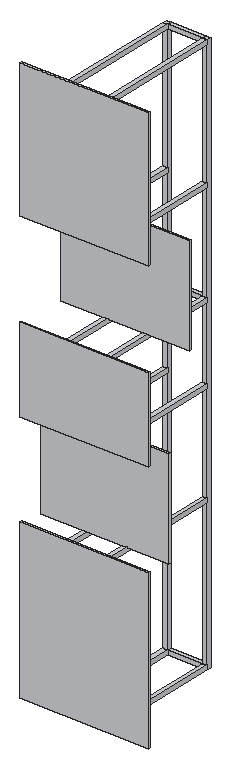
Revit family "Bukva BUKL035A -LivingDivani", category Furniture, Revit 2013
Parameters (values of type "BUKL035A")
  URL = "http://www.livingdivani.it"
  Model = "Bukva"
  Mat. Struttura = Steel, Polished
  Manufacturer = "Living Divani"
  Description = ""
  Codice prodotto = "BUKL035A"
Reference planes (cm)
  plane 1: z = 0
  plane 2 "Centro (Sinistra/Destra)": x = 0
  plane 3 "35": y = 73
  plane 4: z = 42
  plane 5: z = 70
  plane 6 "sx": x = -6
  plane 7 "dx": x = 6
  plane 8 "21": y = 87
  plane 9: y = 108
  plane 10: z = 91
  plane 11: z = 119
  plane 12: z = 154
  plane 13: y = 80
Forms (cm)
  Extrusion 1, solid, material "Linen, White", not visible
    sketch origin (0, 0, 0) x (1, 0, 0) y (0, 0, 1)
      loop
        line (-85, 18) -> (-85, 29.1823)
        arc (-85, 29.1823) -> (-80.169, 48.2596) -> (-84.4597, 67.4656) r 42.4528
        arc (-84.4597, 67.4656) -> (-85.5057, 68.8949) -> (-86.9843, 69.8699) r 5
        arc (-86.9843, 69.8699) -> (-93.3299, 70.9774) -> (-99.4999, 69.1268) r 14.0026
        arc (-99.4999, 69.1268) -> (-99.866, 68.7608) -> (-100, 68.2607) r 1
        line (-100, 68.2607) -> (-100, 18) -> (-85, 18)
    from -55 to 28.969
  Extrusion 2, void, not visible
    sketch origin (0, 0, 0) x (1, 0, 0) y (0, 1, 0)
      loop
        line (-78.5519, 33.5519) -> (-78.5519, 56.4969) -> (-100, 56.4969) -> (-100, 55) -> (-78.5519, 33.5519)
    from 0 to 88.2421
  Extrusion 3, solid, material "Linen, White", not visible
    sketch origin (0, 0, 0) x (-1, 0, 0) y (0, 0, -1)
      loop
        line (-85, -18) -> (-100, -18) -> (-100, -68.2607)
        arc (-100, -68.2607) -> (-99.866, -68.7608) -> (-99.4999, -69.1268) r 1
        arc (-99.4999, -69.1268) -> (-93.3299, -70.9774) -> (-86.9843, -69.8699) r 14.0026
        arc (-86.9843, -69.8699) -> (-85.5057, -68.8949) -> (-84.4597, -67.4656) r 5
        arc (-84.4597, -67.4656) -> (-80.169, -48.2596) -> (-85, -29.1823) r 42.4528
        line (-85, -29.1823) -> (-85, -18)
    from -55 to 28.969
  Extrusion 4, void, not visible
    sketch origin (0, 0, 0) x (-1, 0, 0) y (0, -1, 0)
      loop
        line (-78.5519, -33.5519) -> (-100, -55) -> (-100, -56.4969) -> (-78.5519, -56.4969) -> (-78.5519, -33.5519)
    from 0 to 88.2421
  Extrusion 5, solid, material "Steel, Polished" <- "Mat. Struttura", not visible
    sketch origin (-45, 0, 0) x (0, 1, 0) y (0, 0, 1)
      loop
        line (-3.5, 81.1034) -> (-46, 81.1034) -> (-46, 77.1034) -> (-1, 68.1034) -> (-1, 78.6034)
        arc (-1, 78.6034) -> (-1.7322, 80.3712) -> (-3.5, 81.1034) r 2.5
    from 0 to 1
  Extrusion 6, solid, material "Steel, Polished" <- "Mat. Struttura", not visible
    sketch origin (45, 0, 0) x (0, 1, 0) y (0, 0, -1)
      loop
        arc (-3.5, -81.1034) -> (-1.7322, -80.3712) -> (-1, -78.6034) r 2.5
        line (-1, -78.6034) -> (-1, -68.1034) -> (-46, -77.1034) -> (-46, -81.1034) -> (-3.5, -81.1034)
    from 0 to 1
  Extrusion 7, solid, material "Steel, Polished" <- "Mat. Struttura", not visible
    sketch origin (0, 0, 0) x (0, 1, 0) y (0, 0, 1)
      loop
        line (-1, 68.1034) -> (-1, 78.6034)
        arc (-1, 78.6034) -> (-1.7322, 80.3712) -> (-3.5, 81.1034) r 2.5
        line (-3.5, 81.1034) -> (-46, 81.1034) -> (-46, 77.1034) -> (-45.5, 77.0034) -> (-45.5, 80.6034) -> (-3.5, 80.6034)
        arc (-3.5, 80.6034) -> (-2.0858, 80.0176) -> (-1.5, 78.6034) r 2
        line (-1.5, 78.6034) -> (-1.5, 68.2034) -> (-1, 68.1034)
    from -44 to 44
  Extrusion 8, solid, material "Steel, Polished" <- "Mat. Struttura", not visible
    sketch origin (0, 78.6034, 81.6034) x (0, 0, 1) y (0, -1, 0)
      loop
        line (-13.4, 80.1034) -> (-12.9, 80.1034) -> (-8.9777, 99.715) -> (-9.4777, 99.715) -> (-13.4, 80.1034)
    from -44 to 44
  Extrusion 9, solid, material "Steel, Polished" <- "Mat. Struttura", not visible
    sketch origin (0, 78.6034, 84.6034) x (0, 0, 1) y (0, -1, 0)
      loop
        line (-13.4, 80.1034) -> (-12.9, 80.1034) -> (-7.8875, 105.1661) -> (-8.3875, 105.1661) -> (-13.4, 80.1034)
    from -44 to 44
  Extrusion 10, solid, material "Steel, Polished" <- "Mat. Struttura", not visible
    sketch origin (-45, 0, 0) x (0, 1, 0) y (0, 0, 1)
      loop
        line (-3.5, 81.1034) -> (-46, 81.1034) -> (-46, 77.1034) -> (-1, 68.1034) -> (-1, 78.6034)
        arc (-1, 78.6034) -> (-1.7322, 80.3712) -> (-3.5, 81.1034) r 2.5
    from 0 to 1
  Extrusion 11, solid, material "Steel, Polished" <- "Mat. Struttura", not visible
    sketch origin (45, 0, 0) x (0, 1, 0) y (0, 0, -1)
      loop
        arc (-3.5, -81.1034) -> (-1.7322, -80.3712) -> (-1, -78.6034) r 2.5
        line (-1, -78.6034) -> (-1, -68.1034) -> (-46, -77.1034) -> (-46, -81.1034) -> (-3.5, -81.1034)
    from 0 to 1
  Extrusion 12, solid, material "Steel, Polished" <- "Mat. Struttura", not visible
    sketch origin (0, 0, 0) x (0, 1, 0) y (0, 0, 1)
      loop
        line (-1, 68.1034) -> (-1, 78.6034)
        arc (-1, 78.6034) -> (-1.7322, 80.3712) -> (-3.5, 81.1034) r 2.5
        line (-3.5, 81.1034) -> (-46, 81.1034) -> (-46, 77.1034) -> (-45.5, 77.0034) -> (-45.5, 80.6034) -> (-3.5, 80.6034)
        arc (-3.5, 80.6034) -> (-2.0858, 80.0176) -> (-1.5, 78.6034) r 2
        line (-1.5, 78.6034) -> (-1.5, 68.2034) -> (-1, 68.1034)
    from -44 to 44
  Extrusion 13, solid, material "Steel, Polished" <- "Mat. Struttura", not visible
    sketch origin (0, 78.6034, 81.6034) x (0, 0, 1) y (0, -1, 0)
      loop
        line (-13.4, 80.1034) -> (-12.9, 80.1034) -> (-8.9777, 99.715) -> (-9.4777, 99.715) -> (-13.4, 80.1034)
    from -44 to 44
  Extrusion 14, solid, material "Steel, Polished" <- "Mat. Struttura", not visible
    sketch origin (0, 78.6034, 84.6034) x (0, 0, 1) y (0, -1, 0)
      loop
        line (-13.4, 80.1034) -> (-12.9, 80.1034) -> (-7.8875, 105.1661) -> (-8.3875, 105.1661) -> (-13.4, 80.1034)
    from -44 to 44
  Extrusion 15, solid
    sketch origin (0, 0, 0) x (1, 0, 0) y (0, 1, 0)
      loop
        line (-6, 108) -> (-6, 106.8) -> (-4.8, 106.8) -> (-4.8, 108) -> (-6, 108)
      loop
        line (6, 108) -> (4.8, 108) -> (4.8, 106.8) -> (6, 106.8) -> (6, 108)
    from 0 to 154
  Extrusion 16, solid
    sketch origin (-6, 0, 0) x (0, 1, 0) y (0, 0, 1)
      loop
        line (106.8, 154) -> (73, 154) -> (73, 152.8) -> (106.8, 152.8) -> (106.8, 154)
    from 0 to 1.2
  Extrusion 17, solid
    sketch origin (-6, 0, -35) x (0, 1, 0) y (0, 0, 1)
      loop
        line (106.8, 154) -> (73, 154) -> (73, 152.8) -> (106.8, 152.8) -> (106.8, 154)
    from 0 to 1.2
  Extrusion 18, solid
    sketch origin (-6, 0, -63) x (0, 1, 0) y (0, 0, 1)
      loop
        line (106.8, 154) -> (73, 154) -> (73, 152.8) -> (106.8, 152.8) -> (106.8, 154)
    from 0 to 1.2
  Extrusion 19, solid
    sketch origin (-6, 0, -84) x (0, 1, 0) y (0, 0, 1)
      loop
        line (106.8, 154) -> (73, 154) -> (73, 152.8) -> (106.8, 152.8) -> (106.8, 154)
    from 0 to 1.2
  Extrusion 20, solid
    sketch origin (6, 0, 0) x (0, 1, 0) y (0, 0, -1)
      loop
        line (106.8, -154) -> (106.8, -152.8) -> (73, -152.8) -> (73, -154) -> (106.8, -154)
    from 0 to 1.2
  Extrusion 21, solid
    sketch origin (6, 0, -35) x (0, 1, 0) y (0, 0, -1)
      loop
        line (106.8, -154) -> (106.8, -152.8) -> (73, -152.8) -> (73, -154) -> (106.8, -154)
    from 0 to 1.2
  Extrusion 22, solid
    sketch origin (6, 0, -63) x (0, 1, 0) y (0, 0, -1)
      loop
        line (106.8, -154) -> (106.8, -152.8) -> (73, -152.8) -> (73, -154) -> (106.8, -154)
    from 0 to 1.2
  Extrusion 23, solid
    sketch origin (6, 0, -84) x (0, 1, 0) y (0, 0, -1)
      loop
        line (106.8, -154) -> (106.8, -152.8) -> (80, -152.8) -> (80, -154) -> (106.8, -154)
    from 0 to 1.2
  Extrusion 24, solid
    sketch origin (6, 0, -112) x (0, 1, 0) y (0, 0, -1)
      loop
        line (106.8, -154) -> (106.8, -152.8) -> (73, -152.8) -> (73, -154) -> (106.8, -154)
    from 0 to 1.2
  Extrusion 25, solid
    sketch origin (6, 0, -152.8) x (0, 1, 0) y (0, 0, -1)
      loop
        line (106.8, -154) -> (106.8, -152.8) -> (73, -152.8) -> (73, -154) -> (106.8, -154)
    from 0 to 1.2
  Extrusion 26, solid
    sketch origin (0, 0, 0) x (1, 0, 0) y (0, 1, 0)
      loop
        line (-4.8, 108) -> (-4.8, 106.8) -> (4.8, 106.8) -> (4.8, 108) -> (-4.8, 108)
    from 0 to 1.2
  Extrusion 27, solid
    sketch origin (0, 0, 152.8) x (1, 0, 0) y (0, 1, 0)
      loop
        line (-4.8, 108) -> (-4.8, 106.8) -> (4.8, 106.8) -> (4.8, 108) -> (-4.8, 108)
    from 0 to 1.2
  Extrusion 28, solid
    sketch origin (0, 0, 89.8) x (1, 0, 0) y (0, 1, 0)
      loop
        line (-4.8, 108) -> (-4.8, 106.8) -> (4.8, 106.8) -> (4.8, 108) -> (-4.8, 108)
    from 0 to 1.2
  Extrusion 29, solid
    sketch origin (0, 73, 0) x (0, 0, -1) y (-1, 0, 0)
      loop
        line (-155.2438, 17.5) -> (-155.2438, -17.5) -> (-117.8, -17.5) -> (-117.8, 17.5) -> (-155.2438, 17.5)
    from 0 to -0.5
  Extrusion 30, solid
    sketch origin (0, 73, -65.4438) x (0, 0, -1) y (-1, 0, 0)
      loop
        line (-157.2358, 17.5) -> (-157.2358, -17.5) -> (-134.2438, -17.5) -> (-134.2438, 17.5) -> (-157.2358, 17.5)
    from 0 to -0.5
  Extrusion 31, solid
    sketch origin (0, 73, -114.4438) x (0, 0, -1) y (-1, 0, 0)
      loop
        line (-157.3906, 17.5) -> (-157.3906, -17.5) -> (-114.4438, -17.5) -> (-114.4438, 17.5) -> (-157.3906, 17.5)
    from 0 to -0.5
  Extrusion 32, solid
    sketch origin (0, 87, -37.4438) x (0, 0, -1) y (-1, 0, 0)
      loop
        line (-155.2438, 17.5) -> (-155.2438, -17.5) -> (-128.4438, -17.5) -> (-128.4438, 17.5) -> (-155.2438, 17.5)
    from 0 to -0.5
  Extrusion 33, solid
    sketch origin (0, 80, -86.4438) x (0, 0, -1) y (-1, 0, 0)
      loop
        line (-155.2438, 17.5) -> (-155.2438, -17.5) -> (-128.4438, -17.5) -> (-128.4438, 17.5) -> (-155.2438, 17.5)
    from 0 to -0.5
  Extrusion 34, solid
    sketch origin (-6, 0, -112) x (0, 1, 0) y (0, 0, 1)
      loop
        line (106.8, 154) -> (73, 154) -> (73, 152.8) -> (106.8, 152.8) -> (106.8, 154)
    from 0 to 1.2
  Extrusion 35, solid
    sketch origin (-6, 0, -152.8) x (0, 1, 0) y (0, 0, 1)
      loop
        line (106.8, 154) -> (73, 154) -> (73, 152.8) -> (106.8, 152.8) -> (106.8, 154)
    from 0 to 1.2
Lines and regions (cm)
  model lines, not visible
    curve 1: arc (142.5, 40, 40.4063) -> (142.5, -7.7258, 44.8408) -> (142.5, -55.6482, 43.9108) r 427.9768
    curve 2: arc (142.5, -55.6482, 43.9108) -> (142.5, -56.9941, 43.3917) -> (142.5, -57.8292, 42.2153) r 2.5
    curve 3: arc (142.5, -57.8292, 42.2153) -> (142.5, -58.6593, 36.9132) -> (142.5, -57.6808, 31.6365) r 15.9229
    curve 4: arc (142.5, -57.6808, 31.6365) -> (142.5, -56.765, 30.4495) -> (142.5, -55.3347, 30) r 2.5
    curve 5: line (350.8333, 40.8327, 61.8833) -> (350.8333, 44.8452, 76.858)
    curve 6: arc (350.8333, 19.2897, 45.6161) -> (350.8333, 23.0144, 61.3242) -> (350.8333, 28.8022, 76.3947) r 120.6881
    curve 7: line (350.8333, 42.4245, 80.0128) -> (350.8333, 34.5369, 80.0128)
    curve 8: arc (350.8333, 42.4245, 80.0128) -> (350.8333, 44.4127, 79.0323) -> (350.8333, 44.8452, 76.858) r 2.5061
    curve 9: arc (350.8333, 34.5369, 80.0128) -> (350.8333, 31.1465, 79.0327) -> (350.8333, 28.8022, 76.3947) r 6.3538
    curve 10: arc (350.8333, 21.3758, 42.8725) -> (350.8333, 19.7398, 43.7934) -> (350.8333, 19.2897, 45.6161) r 2.3659
    curve 11: arc (457.5, -41.1808, 29.528) -> (457.5, -40.2346, 28.4157) -> (457.5, -38.8347, 28) r 2.5652
    curve 12: arc (457.5, -41.3292, 42.2606) -> (457.5, -42.5488, 35.8792) -> (457.5, -41.1808, 29.528) r 16.3119
    curve 13: arc (457.5, -39.1482, 43.8503) -> (457.5, -40.4656, 43.3667) -> (457.5, -41.3292, 42.2606) r 2.5564
    curve 14: arc (457.5, 34.91, 41.2077) -> (457.5, -2.0467, 44.5571) -> (457.5, -39.1482, 43.8503) r 339.2674
    curve 15: arc (643.4167, 44.0083, 75.2794) -> (643.4167, 37.8383, 77.13) -> (643.4167, 31.4927, 76.0225) r 14.0026
    curve 16: arc (643.4167, 31.4927, 76.0225) -> (643.4167, 30.0141, 75.0475) -> (643.4167, 28.9681, 73.6182) r 5
    curve 17: arc (643.4167, 44.5084, 74.4133) -> (643.4167, 44.3744, 74.9134) -> (643.4167, 44.0083, 75.2794) r 1
    curve 18: line (643.4167, 44.5084, 24.1526) -> (643.4167, 44.5084, 74.4133)
    curve 19: arc (15, 39.4597, 67.4656) -> (15, 35.169, 48.2596) -> (15, 40, 29.1823) r 42.4528
    curve 20: arc (15, 41.9843, 69.8699) -> (15, 40.5057, 68.8949) -> (15, 39.4597, 67.4656) r 5
    curve 21: line (15, 55, 18) -> (15, 55, 68.2607)
    curve 22: arc (15, 55, 68.2607) -> (15, 54.866, 68.7608) -> (15, 54.4999, 69.1268) r 1
    curve 23: arc (15, 54.4999, 69.1268) -> (15, 48.3299, 70.9774) -> (15, 41.9843, 69.8699) r 14.0026
    curve 24: arc (0, -28.969, 37.1636) -> (0, -30.2309, 36.4485) -> (0, -30.8835, 35.1531) r 2.5
    curve 25: arc (0, 39.8911, 33.442) -> (0, 5.6044, 37.9554) -> (0, -28.969, 37.1636) r 225.0994
    curve 26: arc (0, -30.8835, 35.1531) -> (0, -31.5326, 27.5955) -> (0, -30.8835, 20.0379) r 44.3218
    curve 27: arc (0, -30.8835, 35.1531) -> (0, -31.5326, 27.5955) -> (0, -30.8835, 20.0379) r 44.3218
    curve 28: arc (91.6667, 39.8911, 38.442) -> (91.6667, 5.6044, 42.9554) -> (91.6667, -28.969, 42.1636) r 225.0994
    curve 29: arc (91.6667, -28.969, 42.1636) -> (91.6667, -30.2309, 41.4485) -> (91.6667, -30.8835, 40.1531) r 2.5
    curve 30: arc (91.6667, -30.8835, 40.1531) -> (91.6667, -31.5326, 32.5955) -> (91.6667, -30.8835, 25.0379) r 44.3218
    curve 31: arc (91.6667, -30.8835, 25.0379) -> (91.6667, -30.0394, 23.5895) -> (91.6667, -28.4701, 23) r 2.5
    curve 32: arc (643.4167, 29.3984, 39.5948) -> (643.4167, 25.1951, 57.0411) -> (643.4167, 29.3984, 74.4873) r 38.3075
    curve 33: arc (0, 54.4376, 69.1638) -> (0, 48.2677, 71.0144) -> (0, 41.9221, 69.9069) r 14.0026
    curve 34: arc (0, 41.9221, 69.9069) -> (0, 40.4434, 68.9319) -> (0, 39.3974, 67.5026) r 5
    curve 35: arc (0, 54.9377, 68.2977) -> (0, 54.8037, 68.7978) -> (0, 54.4376, 69.1638) r 1
    curve 36: line (0, 54.9377, 18.037) -> (0, 54.9377, 68.2977)
    curve 37: arc (0, 39.89, 33.4422) -> (0, 35.6867, 50.8419) -> (0, 39.8477, 68.2517) r 38.3075
    curve 53: arc (-31, -75.9326, 42.2836) -> (-31, -78.0974, 41.4294) -> (-31, -79, 39.2844) r 3
    curve 54: line (-31, 20.5225, 40.5213) -> (-31, -75.9326, 42.2836)
    curve 55: line (-31, -79, 39.2844) -> (-31, -79, 31)
    curve 56: arc (-31, -79, 31) -> (-31, -78.1213, 28.8787) -> (-31, -76, 28) r 3
    curve 57: line (31, 20.5225, 40.5213) -> (31, -75.9326, 42.2836)
    curve 58: arc (31, -75.9326, 42.2836) -> (31, -78.0974, 41.4294) -> (31, -79, 39.2844) r 3
    curve 59: line (31, -79, 39.2844) -> (31, -79, 31)
    curve 60: arc (31, -79, 31) -> (31, -78.1213, 28.8787) -> (31, -76, 28) r 3
    curve 61: line (0, 20.5225, 40.5213) -> (0, -75.9326, 42.2836)
    curve 62: arc (0, -75.9326, 42.2836) -> (0, -78.0974, 41.4294) -> (0, -79, 39.2844) r 3
    curve 63: line (0, -79, 39.2844) -> (0, -79, 31)
    curve 64: arc (-31, 41, 69) -> (-31, 40.4142, 70.4142) -> (-31, 39, 71) r 2
    curve 65: arc (-31, 21.5, 39.994) -> (-31, 23.8297, 56.2597) -> (-31, 33.3493, 69.6529) r 34.8726
    curve 66: arc (-31, 33.3493, 69.6529) -> (-31, 35.0306, 70.6522) -> (-31, 36.9554, 71) r 5.5
    curve 67: arc (31, 21.5, 39.994) -> (31, 23.8297, 56.2597) -> (31, 33.3493, 69.6529) r 34.8726
    curve 68: arc (31, 33.3493, 69.6529) -> (31, 35.0306, 70.6522) -> (31, 36.9554, 71) r 5.5
    curve 69: arc (31, 39, 71) -> (31, 40.4142, 70.4142) -> (31, 41, 69) r 2
    curve 70: arc (0, 21.5, 39.994) -> (0, 23.8297, 56.2597) -> (0, 33.3493, 69.6529) r 34.8726
    curve 71: arc (0, 33.3493, 69.6529) -> (0, 35.0306, 70.6522) -> (0, 36.9554, 71) r 5.5
    curve 72: arc (0, 39, 71) -> (0, 40.4142, 70.4142) -> (0, 41, 69) r 2
  model lines, not visible, detail levels medium+fine
    curve 38: arc (-30.8, -9.9076, 41.7805) -> (-27.9845, -12.5677, 41.7805) -> (-24.2491, -13.5924, 41.7805) r 7.9959
    curve 39: arc (-24.2491, -6.2228, 41.7805) -> (-27.9845, -7.2475, 41.7805) -> (-30.8, -9.9076, 41.7805) r 7.9959
    curve 40: arc (-30.8, -9.9076, 41.7805) -> (-33.6155, -7.2475, 41.7805) -> (-37.3509, -6.2228, 41.7805) r 7.9959
    curve 41: arc (-37.3509, -13.5924, 41.7805) -> (-33.6155, -12.5677, 41.7805) -> (-30.8, -9.9076, 41.7805) r 7.9959
    curve 42: line (-31.6, -9.9076, 41.7805) -> (-30, -9.9076, 41.7805)
    curve 43: arc (-16, -25.4076, 41.7805) -> (-13.1845, -28.0677, 41.7805) -> (-9.4491, -29.0924, 41.7805) r 7.9959
    curve 44: arc (-9.4491, -21.7228, 41.7805) -> (-13.1845, -22.7475, 41.7805) -> (-16, -25.4076, 41.7805) r 7.9959
    curve 45: arc (-16, -25.4076, 41.7805) -> (-18.8155, -22.7475, 41.7805) -> (-22.5509, -21.7228, 41.7805) r 7.9959
    curve 46: arc (-22.5509, -29.0924, 41.7805) -> (-18.8155, -28.0677, 41.7805) -> (-16, -25.4076, 41.7805) r 7.9959
    curve 47: line (-16.8, -25.4076, 41.7805) -> (-15.2, -25.4076, 41.7805)
    curve 48: arc (-16, 5.5924, 41.7805) -> (-13.1845, 2.9323, 41.7805) -> (-9.4491, 1.9076, 41.7805) r 7.9959
    curve 49: arc (-9.4491, 9.2772, 41.7805) -> (-13.1845, 8.2525, 41.7805) -> (-16, 5.5924, 41.7805) r 7.9959
    curve 50: arc (-16, 5.5924, 41.7805) -> (-18.8155, 8.2525, 41.7805) -> (-22.5509, 9.2772, 41.7805) r 7.9959
    curve 51: arc (-22.5509, 1.9076, 41.7805) -> (-18.8155, 2.9323, 41.7805) -> (-16, 5.5924, 41.7805) r 7.9959
    curve 52: line (-16.8, 5.5924, 41.7805) -> (-15.2, 5.5924, 41.7805)
    curve 73: arc (-30.8, -45.4076, 41.7805) -> (-27.9845, -48.0677, 41.7805) -> (-24.2491, -49.0924, 41.7805) r 7.9959
    curve 74: arc (-24.2491, -41.7228, 41.7805) -> (-27.9845, -42.7475, 41.7805) -> (-30.8, -45.4076, 41.7805) r 7.9959
    curve 75: arc (-30.8, -45.4076, 41.7805) -> (-33.6155, -42.7475, 41.7805) -> (-37.3509, -41.7228, 41.7805) r 7.9959
    curve 76: arc (-37.3509, -49.0924, 41.7805) -> (-33.6155, -48.0677, 41.7805) -> (-30.8, -45.4076, 41.7805) r 7.9959
    curve 77: line (-31.6, -45.4076, 41.7805) -> (-30, -45.4076, 41.7805)
    curve 78: arc (-16, -60.9076, 41.7805) -> (-13.1845, -63.5677, 41.7805) -> (-9.4491, -64.5924, 41.7805) r 7.9959
    curve 79: arc (-9.4491, -57.2228, 41.7805) -> (-13.1845, -58.2475, 41.7805) -> (-16, -60.9076, 41.7805) r 7.9959
    curve 80: arc (-16, -60.9076, 41.7805) -> (-18.8155, -58.2475, 41.7805) -> (-22.5509, -57.2228, 41.7805) r 7.9959
    curve 81: arc (-22.5509, -64.5924, 41.7805) -> (-18.8155, -63.5677, 41.7805) -> (-16, -60.9076, 41.7805) r 7.9959
    curve 82: line (-16.8, -60.9076, 41.7805) -> (-15.2, -60.9076, 41.7805)
  model lines, style "elemento", not visible, detail levels medium+fine
    curve 83: arc (-28.6536, -18.7333, 27.5) -> (-29.3433, -17.6727, 27.5) -> (-30.2945, -16.8387, 27.5) r 4.6251
    curve 84: arc (-28.6536, -19.4404, 27.5) -> (-29.7271, -20.114, 27.5) -> (-30.5624, -21.0671, 27.5) r 4.3726
    curve 85: arc (-26.3055, -16.8387, 27.5) -> (-27.2567, -17.6727, 27.5) -> (-27.9464, -18.7333, 27.5) r 4.6251
    curve 86: arc (-26.0376, -21.0671, 27.5) -> (-26.8729, -20.114, 27.5) -> (-27.9464, -19.4404, 27.5) r 4.3726
    curve 87: arc (-14.5036, -2.7333, 27.5) -> (-15.1933, -1.6727, 27.5) -> (-16.1445, -0.8387, 27.5) r 4.6251
    curve 88: arc (-14.5036, -3.4404, 27.5) -> (-15.5771, -4.114, 27.5) -> (-16.4124, -5.0671, 27.5) r 4.3726
    curve 89: arc (-12.1555, -0.8387, 27.5) -> (-13.1067, -1.6727, 27.5) -> (-13.7964, -2.7333, 27.5) r 4.6251
    curve 90: arc (-11.8876, -5.0671, 27.5) -> (-12.7229, -4.114, 27.5) -> (-13.7964, -3.4404, 27.5) r 4.3726
    curve 91: arc (-16.1445, -37.335, 27.5) -> (-15.1933, -36.501, 27.5) -> (-14.5036, -35.4404, 27.5) r 4.6251
    curve 92: arc (-16.4124, -33.1066, 27.5) -> (-15.5771, -34.0597, 27.5) -> (-14.5036, -34.7333, 27.5) r 4.3726
    curve 93: arc (-13.7964, -35.4404, 27.5) -> (-13.1067, -36.501, 27.5) -> (-12.1555, -37.335, 27.5) r 4.6251
    curve 94: arc (-13.7964, -34.7333, 27.5) -> (-12.7229, -34.0597, 27.5) -> (-11.8876, -33.1066, 27.5) r 4.3726
    curve 95: line (-27.95, -19.0868, 27.5) -> (-28.65, -19.0868, 27.5)
    curve 96: line (-13.8, -3.0868, 27.5) -> (-14.5, -3.0868, 27.5)
    curve 97: line (-13.8, -35.0868, 27.5) -> (-14.5, -35.0868, 27.5)
Dimensions and locks (cm)
  Extrusion 16 sketch curve to Extrusion 16 sketch curve = 1.2 cm
  Extrusion 17 sketch curve to Extrusion 17 sketch curve = 1.2 cm
  Extrusion 18 sketch curve to Extrusion 18 sketch curve = 1.2 cm
  Extrusion 19 sketch curve to Extrusion 19 sketch curve = 1.2 cm
  Extrusion 20 sketch curve to Extrusion 20 sketch curve = 1.2 cm
  Extrusion 21 sketch curve to Extrusion 21 sketch curve = 1.2 cm
  Extrusion 22 sketch curve to Extrusion 22 sketch curve = 1.2 cm
  Extrusion 23 sketch curve to Extrusion 23 sketch curve = 1.2 cm
  Extrusion 24 sketch curve to Extrusion 24 sketch curve = 1.2 cm
  Extrusion 25 sketch curve to Extrusion 25 sketch curve = 1.2 cm
  locked: plane 9 to plane 13 at 28
  locked: plane 9 to plane 3 "35" at 35
  locked: plane 9 to plane 8 "21" at 21
  Extrusion 34 sketch curve to Extrusion 34 sketch curve = 1.2 cm
  Extrusion 35 sketch curve to Extrusion 35 sketch curve = 1.2 cm
  aligned and locked: level to plane 1
  aligned and locked: Extrusion 18 to plane 3 "35"
  aligned and locked: Extrusion 16 to Extrusion 15
  aligned and locked: Extrusion 15 to Extrusion 17
  aligned and locked: Extrusion 15 to Extrusion 18
  aligned and locked: Extrusion 15 to Extrusion 19
